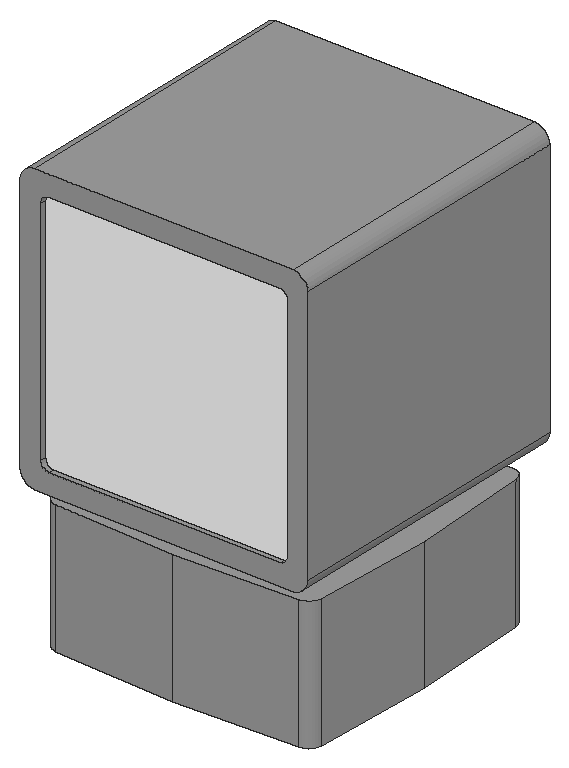
Revit family "3080032 Feilo Sylvania Lighting Fixtures INVERTO DIRECT NW 1-10V RUST", category Lighting Fixtures, host Face, Revit 2017
Family settings
  Host = Face
  Round Connector Dimension = Use Diameter
  Part Type = Normal
  Cut with Voids When Loaded = No
  Light Source = Yes
  Shared = No
  Room Calculation Point = No
Parameters (values of type "3080032 INVERTO DIRECT NW 1-10V RUST")
  Weight = "1.461 kg"
  Wattage Comments = "n/a"
  Wattage = 16 W
  WarrantyStartDate [instance] = "n/a"
  WarrantyGuarantorParts = "n/a"
  WarrantyDurationUnit = "n/a"
  WarrantyDurationParts = "n/a"
  WarrantyDescription = "n/a"
  built-in parameter 1150110 = 1 (stored number, unit not read)
  Voltage = 230 V
  URL = "http://www.sylvania-lighting.com"
  TypeName = "INVERTO DIRECT NW 1-10V RUST"
  Type Image = <None>
  Type Comments = "n/a"
  built-in parameter 1114217 = 1 (stored number, unit not read)
  Tilt Angle = -90.00°
  built-in parameter 1150109 = 1 (stored number, unit not read)
  built-in parameter 1150134 = 12
  built-in parameter 1150113 = 1 (stored number, unit not read)
  SerialNumber [instance] = "n/a"
  PowerFactor = 0
  PowerConsumption = "16 W"
  Photometric Web File = "3080032.ies"
  NominalLength = 162 mm
  NominalHeight = 110 mm
  NominalDepth = 110 mm
  Name = "INVERTO DIRECT NW 1-10V RUST"
  ModelReference = "INVERTO DIRECT NW 1-10V RUST"
  ModelNumber = "3080032"
  Model = "INVERTO DIRECT NW 1-10V RUST"
  Material = "aluminium housing, glass diffuser"
  ManufacturerName = "Feilo Sylvania"
  Manufacturer = "Feilo Sylvania"
  LuminousEfficacy = "102 lm/W"
  built-in parameter 1150105 = 3273.7 (stored number, unit not read)
  Lumens = 1632 lm
  LuminaireType = ""
  built-in parameter 1150115 = 1 (stored number, unit not read)
  LightOutputRatio = "100"
  built-in parameter 1150137 = (empty or 0)
  built-in parameter 1150139 = (empty or 0)
  LampsType = Lamp  # "LED"
  LampNominalLuminous = "1617 / 2045 lm"
  LampMacAdamStep = "n/a"
  LampColourTemperature = "4000 K"
  LampColourRenderingIndex = "80"
  built-in parameter 1150112 = 1 (stored number, unit not read)
  built-in parameter 1150114 = 1 (stored number, unit not read)
  Lamp = "LED"
  Keynote = "16500"
  InstallationDate [instance] = "n/a"
  InputVoltage = "220-240V~"
  InputNominalFrequency = "50/60 Hz"
  built-in parameter 1150132 = 2
  built-in parameter 1150102 = (empty or 0)
  built-in parameter 1150107 = 4000 (stored number, unit not read)
  built-in parameter 1150138 = (empty or 0)
  IngressProtection = "IP65"
  ImpactProtectionIndex = "IK07"
  built-in parameter 1150106 = 32.737 (stored number, unit not read)
  IfcExportType = "IfcLightFixtureType"
  IfcExportAs = "IfcLightFixtureType"
  Housing material = Bronze, Architectural
  ExpectedLife = 50000
  Emit from Rectangle Width = 90 mm
  Emit from Rectangle Length = 90 mm
  Emit Shape Visible in Rendering = no
  ElectricShockClassification = "Class I"
  built-in parameter 1150104 = 9.4761 (stored number, unit not read)
  DurationUnit = "hours"
  DocumentationLiterature = "http://www.sylvania-lighting.com/product/en-int/products/3080032"
  DimmingControlOptions = "Dimmable"
  Dimming Lamp Color Temperature Shift = <None>
  Description = "Surface Wall mounted luminaire, wire to base with pluggable connection for easy installation,  suitable for looping, switchable driver, rust coloured aluminium housing, 1,617lm or 2,045lm, 16W or 19W, 102lm/W or 107lm/W, 4000K, 350mA or 450mA , CRI:80,  40° beam Angle, 1-10V dimmable, IP65, IK02, 50,000hrs (L70),  23.00x19.4x11.5mm."
  Default Elevation = 1219.2 mm
  CreatedOn = "17/11/2017"
  CreatedBy = ""
  Cost = 0
  Color Filter = 16777215
  built-in parameter 1114216 [instance] = (empty or 0)
  Calculate Coefficient of Utilization = no
  BarCode [instance] = "n/a"
  built-in parameter 1114218 = 1 (stored number, unit not read)
  built-in parameter 1150133 = 10 (stored number, unit not read)
  AssetType = "Fixed"
  AssetIdentifier [instance] = "n/a"
  Assembly Code = "D5020200"
  Apparent Load = 16 VA
Reference planes
  plane 1 "Center (Front/Back)": y = 0
  plane 2: z = 0
  plane 3 "Center (Left/Right)": x = 0
  plane 4: x = 51
  plane 5: x = -51
  plane 6: y = -51
  plane 7: y = 51
  plane 8: x = -55
  plane 9: x = 55
  plane 10: y = 55
  plane 11: y = -55
  plane 12: z = 48
  plane 13: z = 162
  plane 14: z = 52
  plane 15: y = -40
  plane 16: y = 40
  plane 17: x = -40
  plane 18: x = 40
  plane 19: z = 62
  plane 20: z = 152
  plane 21: x = -45
  plane 22: x = 45
  plane 23: y = 48.5
  plane 24: x = -48.5
  plane 25: x = 48.5
  plane 26: y = -48.5
  plane 27: z = 107
  plane 28: z = 159
  plane 29: x = -52
  plane 30: z = 55
  plane 31: x = 52
Forms (mm)
  Extrusion 1, solid, material "Default", detail levels medium+fine
    sketch origin (0, 0, 0) x (0, 1, 0) y (0, 0, 1)
      loop
        line (-51, 48) -> (-51, 0) -> (51, 0) -> (51, 48) -> (-51, 48)
    from -51 to 51
  Extrusion 2, solid, material "Default", detail levels medium+fine
    sketch origin (0, 0, 0) x (0, 1, 0) y (0, 0, 1)
      loop
        line (-40, 48) -> (40, 48) -> (40, 55) -> (-40, 55) -> (-40, 48)
    from -40 to 40
  Extrusion 3, void, detail levels medium+fine
    sketch origin (0, 0, 0) x (1, 0, 0) y (0, 1, 0)
      loop
        arc (-44.399, 48.906) -> (-22.224, 50.476) -> (0, 51) r 471.7
        line (0, 51) -> (-51, 51) -> (-51, 0)
        arc (-51, 0) -> (-50.476, 22.224) -> (-48.906, 44.399) r 471.7
        arc (-48.906, 44.399) -> (-47.464, 47.464) -> (-44.399, 48.906) r 5
    from 0 to 48
  Extrusion 4, void, detail levels medium+fine
    sketch origin (0, 0, 0) x (-1, 0, 0) y (0, -1, 0)
      loop
        arc (-44.399, -48.906) -> (-47.464, -47.464) -> (-48.906, -44.399) r 5
        arc (-48.906, -44.399) -> (-50.476, -22.224) -> (-51, 0) r 471.7
        line (-51, 0) -> (-51, -51) -> (0, -51)
        arc (0, -51) -> (-22.224, -50.476) -> (-44.399, -48.906) r 471.7
    from 0 to 48
  Extrusion 5, void, detail levels medium+fine
    sketch origin (0, 0, 0) x (1, 0, 0) y (0, 1, 0)
      loop
        arc (-44.399, -48.906) -> (-47.464, -47.464) -> (-48.906, -44.399) r 5
        arc (-48.906, -44.399) -> (-50.476, -22.224) -> (-51, 0) r 471.7
        line (-51, 0) -> (-51, -51) -> (0, -51)
        arc (0, -51) -> (-22.224, -50.476) -> (-44.399, -48.906) r 471.7
    from 0 to 48
  Extrusion 6, void, detail levels medium+fine
    sketch origin (0, 0, 0) x (-1, 0, 0) y (0, -1, 0)
      loop
        arc (-44.399, 48.906) -> (-22.224, 50.476) -> (0, 51) r 471.7
        line (0, 51) -> (-51, 51) -> (-51, 0)
        arc (-51, 0) -> (-50.476, 22.224) -> (-48.906, 44.399) r 471.7
        arc (-48.906, 44.399) -> (-47.464, 47.464) -> (-44.399, 48.906) r 5
    from 0 to 48
  Extrusion 7, solid, material "Default", detail levels medium+fine
    sketch origin (0, 0, 0) x (1, 0, 0) y (0, 0, 1)
      loop
        arc (-47.19, 159.531) -> (-50.806, 157.806) -> (-52.531, 154.19) r 6
        arc (-52.531, 154.19) -> (-55, 107) -> (-52.531, 59.81) r 452.167
        arc (-52.531, 59.81) -> (-50.806, 56.194) -> (-47.19, 54.469) r 6
        arc (-47.19, 54.469) -> (0, 52) -> (47.19, 54.469) r 452.167
        arc (47.19, 54.469) -> (50.806, 56.194) -> (52.531, 59.81) r 6
        arc (52.531, 59.81) -> (55, 107) -> (52.531, 154.19) r 452.167
        arc (52.531, 154.19) -> (50.806, 157.806) -> (47.19, 159.531) r 6
        arc (47.19, 159.531) -> (0, 162) -> (-47.19, 159.531) r 452.167
    from -55 to 55
  Extrusion 8, solid, material "Bronze, Architectural" <- "Housing material", detail levels coarse
    sketch origin (0, 0, 0) x (1, 0, 0) y (0, 0, 1)
      loop
        line (-55, 162) -> (-55, 52) -> (55, 52) -> (55, 162) -> (-55, 162)
    from -55 to 55
  Extrusion 9, void
    sketch origin (1524, -55, 1219.2) x (-1, 0, 0) y (0, 0, 1)
      loop
        line (1566, -1067.2) -> (1482, -1067.2)
        arc (1482, -1067.2) -> (1479.879, -1068.079) -> (1479, -1070.2) r 3
        line (1479, -1070.2) -> (1479, -1154.2)
        arc (1479, -1154.2) -> (1479.879, -1156.321) -> (1482, -1157.2) r 3
        line (1482, -1157.2) -> (1566, -1157.2)
        arc (1566, -1157.2) -> (1568.121, -1156.321) -> (1569, -1154.2) r 3
        line (1569, -1154.2) -> (1569, -1070.2)
        arc (1569, -1070.2) -> (1568.121, -1068.079) -> (1566, -1067.2) r 3
    from 0 to 4
  Extrusion 10, solid, material "Diffuser-Sylvania-Glow"
    sketch origin (1524, -51, 1219.2) x (1, 0, 0) y (0, 0, 1)
      loop
        line (-1566, -1157.2) -> (-1482, -1157.2)
        arc (-1482, -1157.2) -> (-1479.879, -1156.321) -> (-1479, -1154.2) r 3
        line (-1479, -1154.2) -> (-1479, -1070.2)
        arc (-1479, -1070.2) -> (-1479.879, -1068.079) -> (-1482, -1067.2) r 3
        line (-1482, -1067.2) -> (-1566, -1067.2)
        arc (-1566, -1067.2) -> (-1568.121, -1068.079) -> (-1569, -1070.2) r 3
        line (-1569, -1070.2) -> (-1569, -1154.2)
        arc (-1569, -1154.2) -> (-1568.121, -1156.321) -> (-1566, -1157.2) r 3
    from 0 to 2
  Extrusion 11, solid, material "Bronze, Architectural" <- "Housing material", detail levels coarse
    sketch origin (0, 0, 0) x (1, 0, 0) y (0, 1, 0)
      loop
        line (-51, 51) -> (-51, -51) -> (51, -51) -> (51, 51) -> (-51, 51)
    from 0 to 48
Cuts and joins
  Extrusion 3, Extrusion 4, Extrusion 5, Extrusion 6 cuts Extrusion 1
  Extrusion 9 cuts Extrusion 2
  Extrusion 9 cuts Extrusion 7
  joined: Extrusion 2, Extrusion 7
  Extrusion 9 cuts Extrusion 8
Dimensions and locks
  equal spacing: plane 5, plane 3 "Center (Left/Right)", plane 4
  locked: plane 5 to plane 4 at 102
  equal spacing: plane 6, plane 1 "Center (Front/Back)", plane 7
  locked: plane 6 to plane 7 at 102
  equal spacing: plane 11, plane 1 "Center (Front/Back)", plane 10
  locked: plane 11 to plane 10 at 110
  equal spacing: plane 8, plane 3 "Center (Left/Right)", plane 9
  locked: plane 8 to plane 9 at 110
  locked: plane 12 to plane 2 at 48
  locked: plane 12 to plane 14 at 4
  locked: plane 13 to plane 2 at 162
  equal spacing: plane 15, plane 1 "Center (Front/Back)", plane 16
  locked: plane 15 to plane 16 at 80
  equal spacing: plane 17, plane 3 "Center (Left/Right)", plane 18
  locked: plane 17 to plane 18 at 80
  locked: plane 19 to plane 14 at 10
  locked: plane 13 to plane 20 at 10
  locked: plane 21 to plane 8 at 10
  locked: plane 9 to plane 22 at 10
  plane 19 to plane 14 = 10 mm
  locked: plane 27 to plane 2 at 107
  locked: plane 29 to plane 8 at 3
  locked: plane 13 to plane 28 at 3
  locked: plane 9 to plane 31 at 3
  locked: plane 30 to plane 14 at 3
  aligned and locked: plane 2 to host face
  aligned and locked: level to host face
  aligned and locked: plane 12 to Extrusion 1 sketch curve
  aligned and locked: Extrusion 1 sketch curve to plane 6
  aligned and locked: level to Extrusion 1 sketch curve
  aligned and locked: plane 7 to Extrusion 1 sketch curve
  aligned and locked: plane 4 to Extrusion 1
  aligned and locked: Extrusion 1 to plane 5
  aligned and locked: plane 12 to Extrusion 2 sketch curve
  aligned and locked: plane 15 to Extrusion 2 sketch curve
  aligned and locked: Extrusion 2 sketch curve to plane 16
  aligned and locked: Extrusion 3 sketch curve to Extrusion 1
  aligned and locked: Extrusion 3 to level
  aligned and locked: Extrusion 3 to plane 12
  aligned and locked: Extrusion 7 to plane 10
  aligned and locked: plane 11 to Extrusion 7
  aligned and locked: Extrusion 2 to plane 30
  aligned and locked: plane 13 to Extrusion 8 sketch curve
  aligned and locked: Extrusion 8 sketch curve to plane 14
  aligned and locked: Extrusion 8 sketch curve to plane 9
  aligned and locked: plane 11 to Extrusion 8
  aligned and locked: Extrusion 8 to plane 10
  aligned and locked: Extrusion 9 sketch curve to plane 20
  aligned and locked: plane 19 to Extrusion 9 sketch curve
  aligned and locked: plane 11 to Extrusion 9
  aligned and locked: Extrusion 9 to plane 6
  aligned and locked: Extrusion 10 to plane 6
  aligned and locked: plane 22 to Extrusion 9 sketch curve
  aligned and locked: Extrusion 9 sketch curve to plane 21
  aligned and locked: plane 21 to Extrusion 10 sketch curve
  aligned and locked: Extrusion 10 sketch curve to plane 22
  aligned and locked: plane 7 to Extrusion 11 sketch curve
  aligned and locked: plane 5 to Extrusion 11 sketch curve
  aligned and locked: Extrusion 11 sketch curve to plane 6
  aligned and locked: Extrusion 11 sketch curve to plane 4
  aligned and locked: Extrusion 11 to level
  aligned and locked: Extrusion 11 to plane 12
  aligned and locked: imposter light to Extrusion 10
  aligned and locked: imposter light to plane 27
Automatic sketch dimensions
  host sketch curve to host sketch curve = 2438.4 mm  (x2)
  Extrusion 3 sketch curve to plane 3 "Center (Left/Right)" = 0 mm
  plane 1 "Center (Front/Back)" to Extrusion 3 sketch curve = 0 mm
  plane 7 to Extrusion 3 sketch curve = 0 mm
  plane 21 to Extrusion 3 sketch curve = 1.072 mm
  plane 9 to Extrusion 3 sketch curve = 365.7 mm
  plane 11 to Extrusion 3 sketch curve = 365.7 mm
  Extrusion 3 sketch curve to plane 16 = 3.928 mm
  Extrusion 3 sketch curve to Extrusion 3 sketch curve = 0 mm
  plane 1 "Center (Front/Back)" to Extrusion 4 sketch curve = 0 mm
  Extrusion 4 sketch curve to plane 4 = 0 mm
  Extrusion 4 sketch curve to plane 3 "Center (Left/Right)" = 0 mm
  plane 7 to Extrusion 4 sketch curve = 0 mm
  plane 22 to Extrusion 4 sketch curve = 1.072 mm
  plane 8 to Extrusion 4 sketch curve = 365.7 mm
  Extrusion 4 sketch curve to plane 11 = 365.7 mm
  plane 16 to Extrusion 4 sketch curve = 3.928 mm
  Extrusion 4 sketch curve to Extrusion 4 sketch curve = 0 mm
  plane 1 "Center (Front/Back)" to Extrusion 5 sketch curve = 0 mm
  Extrusion 5 sketch curve to plane 5 = 0 mm
  Extrusion 5 sketch curve to plane 3 "Center (Left/Right)" = 0 mm
  plane 6 to Extrusion 5 sketch curve = 0 mm
  Extrusion 5 sketch curve to plane 21 = 1.072 mm
  Extrusion 5 sketch curve to plane 9 = 365.7 mm
  plane 10 to Extrusion 5 sketch curve = 365.7 mm
  Extrusion 5 sketch curve to plane 15 = 3.928 mm
  Extrusion 5 sketch curve to Extrusion 5 sketch curve = 0 mm
  plane 1 "Center (Front/Back)" to Extrusion 6 sketch curve = 0 mm
  Extrusion 6 sketch curve to plane 4 = 0 mm
  Extrusion 6 sketch curve to plane 3 "Center (Left/Right)" = 0 mm
  plane 6 to Extrusion 6 sketch curve = 0 mm
  Extrusion 6 sketch curve to plane 22 = 1.072 mm
  Extrusion 6 sketch curve to plane 8 = 365.7 mm
  Extrusion 6 sketch curve to plane 10 = 365.7 mm
  plane 15 to Extrusion 6 sketch curve = 3.928 mm
  Extrusion 6 sketch curve to Extrusion 6 sketch curve = 0 mm
  Extrusion 7 sketch curve to plane 27 = 0 mm  (x2)
  Extrusion 7 sketch curve to plane 3 "Center (Left/Right)" = 0 mm  (x2)
  Extrusion 7 sketch curve to plane 8 = 342.167 mm
  Extrusion 7 sketch curve to plane 21 = 1.564 mm
  Extrusion 7 sketch curve to plane 17 = 6.564 mm
  plane 18 to Extrusion 7 sketch curve = 6.564 mm  (x2)
  plane 9 to Extrusion 7 sketch curve = 342.167 mm
  plane 19 to Extrusion 7 sketch curve = 1.564 mm  (x2)
  Extrusion 7 sketch curve to level = 290.167 mm
  Extrusion 7 sketch curve to plane 20 = 1.564 mm  (x2)
  Extrusion 7 sketch curve to plane 13 = 342.167 mm
  Extrusion 7 sketch curve to Extrusion 7 sketch curve = 0 mm  (x7)
  Extrusion 7 sketch curve to plane 29 = 0.531 mm
  Extrusion 2 sketch curve to plane 14 = 3 mm
  Extrusion 8 sketch curve to plane 8 = 0 mm
  plane 18 to Extrusion 9 sketch curve = 2 mm  (x2)
  Extrusion 9 sketch curve to plane 17 = 2 mm  (x2)
  Extrusion 10 sketch curve to plane 19 = 0 mm
  Extrusion 10 sketch curve to plane 20 = 0 mm
  Extrusion 10 sketch curve to plane 17 = 2 mm  (x2)
  plane 18 to Extrusion 10 sketch curve = 2 mm  (x2)
Connectors
  electrical at (0, 0, 0), driven by "Apparent Load"
    settings: index 1, voltage 230 V, apparent load 16 VA, apparent load phase1 0 VA, apparent load phase2 0 VA, apparent load phase3 0 VA, power factor 0, load classification "Lighting", number of poles 1, system type 30, power factor state 1, is connector primary yes, connector utility no, sub classification motor no, connector description ""
